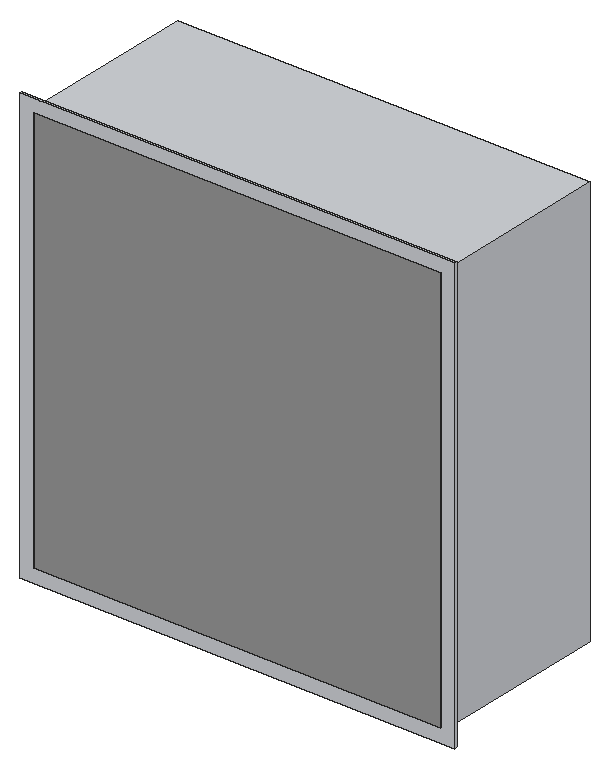
Revit family "MS-P-2", category Mechanical Equipment, Revit 2015
Parameters
  URL = "https://unitedenertech.com/catalog/pdf/K_5%20MS-P-2.pdf"
  Type Comments = "Consult Factory for Max. Sizes"
  Model = "MS-P-2"
  Manufacturer = "United Enertech Corporation"
  Length (16" Standard) = 1' - 4"
  Keynote = "1-1/2\" x 1-1/2\" x 1/4\" Angles Ship Loose"
  Exact Width = 3' - 0"
  Exact Height = 3' - 0"
  Description = "Maximum Security"
Reference planes (in)
  plane 1 "Center (Front/Back)": y = 0
  plane 2: z = 0
  plane 3 "Center (Left/Right)": x = 0
  plane 4: y = 0.1875
  plane 5: y = 16
  plane 6: x = -18
  plane 7: x = 18
  plane 8: z = 18
  plane 9: z = -18
  plane 10: x = -17.8125
  plane 11: z = 17.8125
  plane 12: x = -19
  plane 13: z = 19
  plane 14: x = 17.8125
  plane 15: x = 19
  plane 16: z = -17.8125
  plane 17: z = -19
Forms (in)
  Extrusion 1, solid
    sketch origin (0, 0, 0) x (1, 0, 0) y (0, 0, 1)
      loop
        line (-18, -18) -> (18, -18) -> (18, 18) -> (-18, 18) -> (-18, -18)
      loop
        line (-17.8125, -17.8125) -> (17.8125, -17.8125) -> (17.8125, 17.8125) -> (-17.8125, 17.8125) -> (-17.8125, -17.8125)
    from -16 to -0.1875
  Extrusion 2, solid
    sketch origin (0, 0, 0) x (1, 0, 0) y (0, 0, 1)
      loop
        line (-19, -19) -> (19, -19) -> (19, 19) -> (-19, 19) -> (-19, -19)
      loop
        line (-17.8125, -17.8125) -> (17.8125, -17.8125) -> (17.8125, 17.8125) -> (-17.8125, 17.8125) -> (-17.8125, -17.8125)
    from -0.1875 to 0
  Extrusion 3, solid, material "Steel"
    sketch origin (0, 0, 0) x (1, 0, 0) y (0, 0, 1)
      loop
        line (-17.8125, -17.8125) -> (17.8125, -17.8125) -> (17.8125, 17.8125) -> (-17.8125, 17.8125) -> (-17.8125, -17.8125)
    from -0.1875 to 0
Dimensions and locks (in)
  locked: plane 1 "Center (Front/Back)" to plane 4 at 0.1875
  "Length (16" Standard)": plane 1 "Center (Front/Back)" to plane 5
  equal spacing: plane 6, plane 3 "Center (Left/Right)", plane 7
  "Exact Width": plane 6 to plane 7
  equal spacing: plane 8, level, plane 9
  "Exact Height": plane 8 to plane 9
  locked: plane 6 to plane 12 at 1
  locked: plane 6 to plane 10 at 0.1875
  locked: plane 14 to plane 7 at 0.1875
  locked: plane 7 to plane 15 at 1
  locked: plane 8 to plane 11 at 0.1875
  locked: plane 13 to plane 8 at 1
  locked: plane 16 to plane 9 at 0.1875
  locked: plane 9 to plane 17 at 1
  aligned and locked: level to plane 2
  aligned and locked: plane 6 to Extrusion 1 sketch curve
  aligned and locked: plane 8 to Extrusion 1 sketch curve
  aligned and locked: Extrusion 1 sketch curve to plane 7
  aligned and locked: Extrusion 1 sketch curve to plane 9
  aligned and locked: plane 16 to Extrusion 1 sketch curve
  aligned and locked: Extrusion 1 sketch curve to plane 10
  aligned and locked: Extrusion 1 sketch curve to plane 14
  aligned and locked: plane 11 to Extrusion 1 sketch curve
  aligned and locked: plane 5 to Extrusion 1
  aligned and locked: Extrusion 1 to plane 4
  aligned and locked: Extrusion 2 sketch curve to plane 12
  aligned and locked: plane 13 to Extrusion 2 sketch curve
  aligned and locked: Extrusion 2 sketch curve to plane 15
  aligned and locked: plane 17 to Extrusion 2 sketch curve
  aligned and locked: plane 16 to Extrusion 2 sketch curve
  aligned and locked: Extrusion 2 sketch curve to plane 10
  aligned and locked: Extrusion 2 sketch curve to plane 14
  aligned and locked: plane 11 to Extrusion 2 sketch curve
  aligned and locked: plane 4 to Extrusion 2
  aligned and locked: plane 1 "Center (Front/Back)" to Extrusion 2
  aligned and locked: plane 11 to Extrusion 3 sketch curve
  aligned and locked: Extrusion 3 sketch curve to plane 14
  aligned and locked: Extrusion 3 sketch curve to plane 10
  aligned and locked: plane 16 to Extrusion 3 sketch curve
  aligned and locked: plane 4 to Extrusion 3
  aligned and locked: plane 1 "Center (Front/Back)" to Extrusion 3
